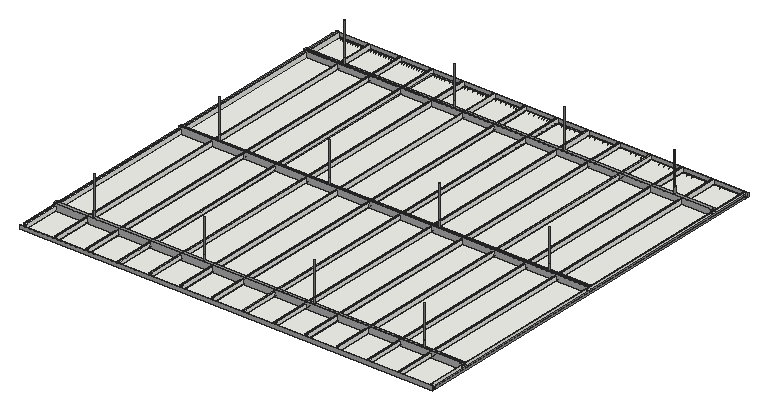
Revit family "FalsoTecho_THU_Lama-Venezia", category Modelos genéricos, Revit 2016
Family settings
  Tipo de pieza = Normal
  Puede alojar armadura = No
  Cota de conector redondo = Diámetro de uso
  Número OmniClass = 23.35.70.24.11.17.14.11
  Título OmniClass = Metal Linear Ceilings
  Se basa en plano de trabajo = Sí
  Siempre vertical = No
  Corte con vacíos al cargar = Sí
  Compartido = No
  Punto de cálculo de habitación = No
Parameters (values of type "Acero_Liso_200x28mm")
  Tirantes_Separación real [instance] = (Rastrel_Longitud - (Tirante inicial_Distancia a extremo * 2)) / (Tirantes_Recuento - 1)  # 704.233 mm
  Tirantes_Recuento [instance] = (Rastrel_Longitud - (Tirante inicial_Distancia a extremo * 2)) / Tirantes_Separación aproximada + 2  # 4
  Tirantes_Separación aproximada [instance] = 1000 mm  # constant formula
  Tirante_Longitud [instance] = THU_Falso techo_Plenum altura  # 250 mm
  Tirante inicial_Distancia a extremo [instance] = if(Rastrel_Longitud < 1500 mm, 25 mm, 250 mm)  # 250 mm
  THU_Velo = no
  THU_Subestructura_Material = "Aceo galvanizado"
  THU_Subestructura_Color = THU_Acero galvanizado
  THU_Reacción al fuego = "A2-s1, d0"
  THU_Rastrel = Rastrel_THU_Venezia : 3,00x0,59x0,76mm
  THU_Lama_Material = "Acero"
  THU_Lama_Color [instance] = THU_Blanco-RAL9010
  THU_Lama = Lama_THU_Venezia : Acero_Liso_200x28mm
  THU_Falso techo_Área [instance] = THU_Falso techo_Longitud * THU_Falso techo_Anchura  # 6.25 m²
  THU_Falso techo_Plenum altura [instance] = 250 mm
  THU_Falso techo_Longitud [instance] = 2500 mm
  THU_Falso techo_Anchura [instance] = 2500 mm
  THU_Falso techo_Altura libre [instance] = 2500 mm
  THU_Acabado = Acabado_THU_Lama-Venezia : Liso
  Solape vertical_Lama y rastrel = 21.7 mm  # constant formula
  Rastreles_Separación [instance] = if(Lama_Longitud < 1000 mm, Lama_Longitud - 36 mm, 1000 mm)  # 1000 mm
  Rastreles_Recuento (ml) [instance] = Rastrel_Longitud * Rastreles_Recuento  # 7838.1 mm
  Rastreles_Recuento [instance] = if((THU_Falso techo_Longitud / Rastreles_Separación) < 2, 2, THU_Falso techo_Longitud / Rastreles_Separación)  # 3
  Rastrel_Longitud [instance] = (Lamas_Recuento * Lama_Anchura) + (Lamas_Separación * (Lamas_Recuento - 1)) + 12.7 mm  # 2612.7 mm
  Rastrel_Anchura = 30 mm  # constant formula
  Rastrel_Altura = 36 mm  # constant formula
  Rastrel inicial_Distancia a borde [instance] = (THU_Falso techo_Longitud - (Rastreles_Separación * (Rastreles_Recuento - 1))) / 2  # 250 mm
  RC [instance] = not(A_L24x24)  # no
  Página web del producto = "http://thu.es/producto/lama-venezia/"
  Página web del fabricante = "http://thu.es/"
  Perfiles perimetrales_Desfase altura = 1 mm  # constant formula
  Perfil perimetral_RC [instance] = Perfiles perimetrales_THU : RC
  Perfil perimetral_L24x24 [instance] = Perfiles perimetrales_THU : (A)_L24x24
  Perfil perimetral_Anchura [instance] = if(A_L24x24, 24 mm, if(RC, 28 mm, 24 mm))  # 24 mm
  Perfil perimetral trans_Longitud [instance] = Rastrel_Longitud + Perfil perimetral_Anchura  # 2636.7 mm
  Perfil perimetral long_Longitud [instance] = Lama_Longitud - Perfil perimetral_Anchura  # 2476 mm
  Perfil perimetral 04 [instance] = yes
  Perfil perimetral 03 [instance] = yes
  Perfil perimetral 02 [instance] = yes
  Perfiles perimetrales_Distancia a bandeja [instance] = Perfil perimetral_Anchura / 2  # 12 mm
  Perfil perimetral 01 [instance] = yes
  Perfil perimetral [instance] = if(A_L24x24, Perfil perimetral_L24x24, if(RC, Perfil perimetral_RC, Perfil perimetral_L24x24))  # Perfiles perimetrales_THU : (A)_L24x24
  País de fabricación = "España"
  País de diseño = "España"
  Omniclass = "23.35.70.24.11.17.14.11"
  Número de edición (versión) = 1
  Nombre del objeto = "Lama Venezia"
  NBS Reference Description = "Board suspended ceiling system"
  NBS Reference = "20-10-10/110"
  Marca = "THU"
  Manual de montaje = "http://thu.es/wp-content/uploads/manuals/MM-Techos-Lamas-Venezia.pdf"
  Lamas_Recuento (ml) [instance] = Lama_Longitud * Lamas_Recuento  # 32500 mm
  Lamas_Recuento [instance] = THU_Falso techo_Anchura / (Lamas_Separación + Lama_Anchura)  # 13
  Lamas_Separación [instance] = 0 mm  # constant formula
  Lama_Longitud [instance] = THU_Falso techo_Longitud  # 2500 mm
  Lama_Anchura = 200 mm
  Lama_Altura = 28 mm
  IFC Classification = "Ceiling"
  Grupo del producto = "Lamas"
  Ficha técnica = "http://thu.es/wp-content/uploads/datasheets/ft-lamas-venezia-thu.pdf"
  Ficha resumen = "http://thu.es/wp-content/uploads/datasheets/THU_Techos_metalicos_Lama_Venezia.pdf"
  Fecha de publicación del objeto BIM = ""
  Famila del producto = "Techos metálicos"
  Falso techo_Grosor = Lama_Altura + Rastrel_Altura  # 64 mm
  Falso techo_Anchura aprox [instance] = (Lamas_Recuento * Lama_Anchura) + (Lamas_Separación * (Lamas_Recuento - 1))  # 2600 mm
  Fabricante = "THU Perfil S.L."
  Default Elevation = 0 mm
  Descripción = "Falso techo metálico formado por lamas de aluminio prelacado de ancho 200 ó 300 mm, insertadas en pestañas de rastreles de paso de troquelado 200 (Venezia 200) ó 100 (Venezia 300) y colgadas del forjado superior mediante un sistema de varillas roscadas. La fijación de las lamas al rastrel se realiza mediante pestañas que se abren y cierran manualmente. De forma complementaria se utilizan clips de plástico para la fijación de las lamas entre si. La gama de acabados queda reducida a lamas prelacadas lisas; pudiendo estar perforada la lama tipo Venezia 300. El patrón del perforado de esta lama es el de 2,5 en U, de manera que la lama queda perforada aproximadamente en un 12,75%, dejando en su superficie vista márgenes de 10 mm sin perforar."
  Declaración de prestaciones = "http://thu.es/wp-content/uploads/declarations/dp_lamas_venezia.pdf"
  Comentarios de tipo = "Lamas Venezia para techo suspendido, para ser montadas en interior de edificios con con rastreles Venezia."
  COBie Type Category = "L387 : Suspended ceilings"
  A_L24x24 [instance] = yes
Types (6, lengths in mm): name | Tirantes_Separación real | THU_Velo | THU_Subestructura_Material | THU_Lama_Material | THU_Lama | THU_Acabado | Rastreles_Recuento (ml) | Rastrel_Longitud | Perfil perimetral trans_Longitud | Lamas_Recuento (ml) | Lamas_Recuento | Lama_Anchura | Falso techo_Anchura aprox
  Acero_Liso_200x28mm | 704.233 | no | "Aceo galvanizado" | "Acero" | Lama_THU_Venezia : Acero_Liso_200x28mm | Acabado_THU_Lama-Venezia : Liso | 7838.1 | 2612.7 | 2636.7 | 32500 | 13 | 200 | 2600
  Acero_Liso_300x28mm | 637.567 | no | "Aceo galvanizado" | "Acero" | Lama_THU_Venezia : Acero_Liso_300x28mm | Acabado_THU_Lama-Venezia : Liso | 7238.1 | 2412.7 | 2436.7 | 20000 | 8 | 300 | 2400
  Acero_Perforado-c/Velo_300x28mm | 637.567 | yes | "Acero galvanizado" | "Acero" | Lama_THU_Venezia : Acero_Perforado-c/Velo_300x28mm | Acabado_THU_Lama-Venezia : Perforado_Ø2.5mm (U) | 7238.1 | 2412.7 | 2436.7 | 20000 | 8 | 300 | 2400
  Acero_Perforado-s/Velo_300x28mm | 637.567 | no | "Aceo galvanizado" | "Acero" | Lama_THU_Venezia : Acero_Perforado-s/Velo_300x28mm | Acabado_THU_Lama-Venezia : Perforado_Ø2.5mm (U) | 7238.1 | 2412.7 | 2436.7 | 20000 | 8 | 300 | 2400
  Aluminio_Liso_200x28mm | 704.233 | no | "Aceo galvanizado" | "Aluminio" | Lama_THU_Venezia : Aluminio_Liso_200x28 | Acabado_THU_Lama-Venezia : Liso | 7838.1 | 2612.7 | 2636.7 | 32500 | 13 | 200 | 2600
  Aluminio_Liso_300x28mm | 637.567 | no | "Aceo galvanizado" | "Aluminio" | Lama_THU_Venezia : Aluminio_Liso_300x28 | Acabado_THU_Lama-Venezia : Liso | 7238.1 | 2412.7 | 2436.7 | 20000 | 8 | 300 | 2400
Reference planes
  plane 1 "Centro (Frontal/Posterior)": y = 0
  plane 2: z = 0
  plane 3 "Centro (Izquierda/Derecha)": x = 0
  plane 4 "Lamas_Límite inferior": z = 2500
  plane 5 "Rastreles_Límite inferior": z = 2506.3
  plane 6 "Rastreles_Límite superior": z = 2542.3
  plane 7 "Lamas_Límite superior": z = 2528
  plane 8 "Falso techo_Límite derecho": x = 2500
  plane 9 "Falso techo_Límite superior": y = 2500
  plane 10 "Tirantes_Límite superior": z = 2792.3
  plane 11 "Perfiles perimetrales_Límite inferior": z = 2499
Dimensions and locks
  "Rastrel_Altura": plane 6 "Rastreles_Límite superior" to plane 5 "Rastreles_Límite inferior"
  "THU_Falso techo_Altura libre": level to plane 4 "Lamas_Límite inferior"
  "Lama_Altura": plane 7 "Lamas_Límite superior" to plane 4 "Lamas_Límite inferior"
  "Solape vertical_Lama y rastrel": plane 7 "Lamas_Límite superior" to plane 5 "Rastreles_Límite inferior"
  "THU_Falso techo_Longitud": plane 1 "Centro (Frontal/Posterior)" to plane 9 "Falso techo_Límite superior"
  "THU_Falso techo_Anchura": plane 3 "Centro (Izquierda/Derecha)" to plane 8 "Falso techo_Límite derecho"
  "THU_Falso techo_Plenum altura": plane 10 "Tirantes_Límite superior" to plane 6 "Rastreles_Límite superior"
  equal spacing: group 1, group 2, group 3, group 6, group 7, group 8, group 9, group 10, group 12, group 13, group 14, group 15, group 16  (x3)
  "Lamas_Separación": nested 2 to nested 1
  "Rastrel inicial_Distancia a borde": plane 1 "Centro (Frontal/Posterior)" to nested 4
  equal spacing: group 4, group 5, group 11  (x3)
  "Rastreles_Separación": nested 4 to nested 5
  "Perfiles perimetrales_Distancia a bandeja": nested 12 to plane 3 "Centro (Izquierda/Derecha)"
  "Perfiles perimetrales_Distancia a bandeja": nested 12 to plane 1 "Centro (Frontal/Posterior)"
  "Perfiles perimetrales_Distancia a bandeja": nested 19 to plane 3 "Centro (Izquierda/Derecha)"
  "Perfiles perimetrales_Distancia a bandeja": plane 9 "Falso techo_Límite superior" to nested 19
  "Perfiles perimetrales_Distancia a bandeja": nested 20 to plane 3 "Centro (Izquierda/Derecha)"
  "Perfiles perimetrales_Desfase altura": plane 4 "Lamas_Límite inferior" to plane 11 "Perfiles perimetrales_Límite inferior"
  aligned and locked: level to plane 2
  aligned and locked: plane 7 "Lamas_Límite superior" to nested 1
  aligned and locked: plane 7 "Lamas_Límite superior" to nested 2
  aligned and locked: nested 4 to plane 5 "Rastreles_Límite inferior"
  aligned and locked: nested 5 to plane 5 "Rastreles_Límite inferior"
  aligned and locked: nested 12 to nested 20
  aligned and locked: nested 18 to nested 12
  aligned and locked: nested 12 to nested 18
Nested families
  nested 1: "Lama_THU_Venezia" at (12.695, 0, 2528), Lama_Longitud <- "Lama_Longitud", THU_Color <- "THU_Lama_Color", Lama_Altura <- "Lama_Altura", Lama_Anchura <- "Lama_Anchura", type <- "THU_Lama", type "Acero_Liso_200x28mm"
    with THU_Recuento (ml) 2500 mm, THU_Material "Acero", THU_Color THU_Blanco-RAL9010, Lama_Longitud 2500 mm, Lama_Anchura 200 mm, Lama_Altura 28 mm
  nested 2: "Lama_THU_Venezia" at (212.695, 0, 2528), Lama_Longitud <- "Lama_Longitud", THU_Color <- "THU_Lama_Color", Lama_Altura <- "Lama_Altura", Lama_Anchura <- "Lama_Anchura", type <- "THU_Lama", type "Acero_Liso_200x28mm"
    with THU_Recuento (ml) 2500 mm, THU_Material "Acero", THU_Color THU_Blanco-RAL9010, Lama_Longitud 2500 mm, Lama_Anchura 200 mm, Lama_Altura 28 mm
  nested 3: "Lama_THU_Venezia" at (412.695, 0, 2528), Lama_Longitud <- "Lama_Longitud", THU_Color <- "THU_Lama_Color", Lama_Altura <- "Lama_Altura", Lama_Anchura <- "Lama_Anchura", type <- "THU_Lama", type "Acero_Liso_200x28mm"
    with THU_Recuento (ml) 2500 mm, THU_Material "Acero", THU_Color THU_Blanco-RAL9010, Lama_Longitud 2500 mm, Lama_Anchura 200 mm, Lama_Altura 28 mm
  nested 4: "Rastrel_THU_Venezia" at (0, 250, 2506.3) x (0, -1, 0) z (0, 0, 1), Tirante inicial_Distancia a extremo <- "Tirante inicial_Distancia a extremo", Tirante_Longitud <- "Tirante_Longitud", Tirantes_Recuento <- "Tirantes_Recuento", Rastrel_Longitud <- "Rastrel_Longitud", Rastrel_Altura <- "Rastrel_Altura", THU_Color <- "THU_Subestructura_Color", type <- "THU_Rastrel", type "3,00x0,59x0,76mm", detail levels medium+fine
    with Tirantes_Recuento 4, Tirante_Longitud 250 mm, Tirante inicial_Distancia a extremo 250 mm, THU_Recuento (ml) 2612.7 mm, THU_Material "Acero galvanizado", THU_Color THU_Acero galvanizado, Rastrel_Longitud 2612.7 mm, Rastrel_Anchura 30 mm, Rastrel_Altura 36 mm
  nested 5: "Rastrel_THU_Venezia" at (0, 1250, 2506.3) x (0, -1, 0) z (0, 0, 1), Tirante inicial_Distancia a extremo <- "Tirante inicial_Distancia a extremo", Tirante_Longitud <- "Tirante_Longitud", Tirantes_Recuento <- "Tirantes_Recuento", Rastrel_Longitud <- "Rastrel_Longitud", Rastrel_Altura <- "Rastrel_Altura", THU_Color <- "THU_Subestructura_Color", type <- "THU_Rastrel", type "3,00x0,59x0,76mm", detail levels medium+fine
    with Tirantes_Recuento 4, Tirante_Longitud 250 mm, Tirante inicial_Distancia a extremo 250 mm, THU_Recuento (ml) 2612.7 mm, THU_Material "Acero galvanizado", THU_Color THU_Acero galvanizado, Rastrel_Longitud 2612.7 mm, Rastrel_Anchura 30 mm, Rastrel_Altura 36 mm
  nested 6: "Lama_THU_Venezia" at (612.695, 0, 2528), Lama_Longitud <- "Lama_Longitud", THU_Color <- "THU_Lama_Color", Lama_Altura <- "Lama_Altura", Lama_Anchura <- "Lama_Anchura", type <- "THU_Lama", type "Acero_Liso_200x28mm"
    with THU_Recuento (ml) 2500 mm, THU_Material "Acero", THU_Color THU_Blanco-RAL9010, Lama_Longitud 2500 mm, Lama_Anchura 200 mm, Lama_Altura 28 mm
  nested 7: "Lama_THU_Venezia" at (812.695, 0, 2528), Lama_Longitud <- "Lama_Longitud", THU_Color <- "THU_Lama_Color", Lama_Altura <- "Lama_Altura", Lama_Anchura <- "Lama_Anchura", type <- "THU_Lama", type "Acero_Liso_200x28mm"
    with THU_Recuento (ml) 2500 mm, THU_Material "Acero", THU_Color THU_Blanco-RAL9010, Lama_Longitud 2500 mm, Lama_Anchura 200 mm, Lama_Altura 28 mm
  nested 8: "Lama_THU_Venezia" at (1012.695, 0, 2528), Lama_Longitud <- "Lama_Longitud", THU_Color <- "THU_Lama_Color", Lama_Altura <- "Lama_Altura", Lama_Anchura <- "Lama_Anchura", type <- "THU_Lama", type "Acero_Liso_200x28mm"
    with THU_Recuento (ml) 2500 mm, THU_Material "Acero", THU_Color THU_Blanco-RAL9010, Lama_Longitud 2500 mm, Lama_Anchura 200 mm, Lama_Altura 28 mm
  nested 9: "Lama_THU_Venezia" at (1212.695, 0, 2528), Lama_Longitud <- "Lama_Longitud", THU_Color <- "THU_Lama_Color", Lama_Altura <- "Lama_Altura", Lama_Anchura <- "Lama_Anchura", type <- "THU_Lama", type "Acero_Liso_200x28mm"
    with THU_Recuento (ml) 2500 mm, THU_Material "Acero", THU_Color THU_Blanco-RAL9010, Lama_Longitud 2500 mm, Lama_Anchura 200 mm, Lama_Altura 28 mm
  nested 10: "Lama_THU_Venezia" at (1412.695, 0, 2528), Lama_Longitud <- "Lama_Longitud", THU_Color <- "THU_Lama_Color", Lama_Altura <- "Lama_Altura", Lama_Anchura <- "Lama_Anchura", type <- "THU_Lama", type "Acero_Liso_200x28mm"
    with THU_Recuento (ml) 2500 mm, THU_Material "Acero", THU_Color THU_Blanco-RAL9010, Lama_Longitud 2500 mm, Lama_Anchura 200 mm, Lama_Altura 28 mm
  nested 11: "Rastrel_THU_Venezia" at (0, 2250, 2506.3) x (0, -1, 0) z (0, 0, 1), Tirante inicial_Distancia a extremo <- "Tirante inicial_Distancia a extremo", Tirante_Longitud <- "Tirante_Longitud", Tirantes_Recuento <- "Tirantes_Recuento", Rastrel_Longitud <- "Rastrel_Longitud", Rastrel_Altura <- "Rastrel_Altura", THU_Color <- "THU_Subestructura_Color", type <- "THU_Rastrel", type "3,00x0,59x0,76mm", detail levels medium+fine
    with Tirantes_Recuento 4, Tirante_Longitud 250 mm, Tirante inicial_Distancia a extremo 250 mm, THU_Recuento (ml) 2612.7 mm, THU_Material "Acero galvanizado", THU_Color THU_Acero galvanizado, Rastrel_Longitud 2612.7 mm, Rastrel_Anchura 30 mm, Rastrel_Altura 36 mm
  nested 12: "Perfiles perimetrales_THU" at (-12, -12, 2499) x (0, 1, 0) z (0, 0, 1), visible <- "Perfil perimetral 01", THU_Color <- "THU_Subestructura_Color", THU_Material <- "THU_Subestructura_Material", Perfil_Longitud <- "Perfil perimetral trans_Longitud", Perfil_Anchura <- "Perfil perimetral_Anchura", type <- "Perfil perimetral", type "(A)_L24x24"
    with THU_Recuento (ml) 2636.7 mm, THU_Material "Aceo galvanizado", THU_Color THU_Acero galvanizado, Perfil_Longitud 2636.7 mm, Perfil_Anchura 24 mm
  nested 13: "Lama_THU_Venezia" at (1612.695, 0, 2528), Lama_Longitud <- "Lama_Longitud", THU_Color <- "THU_Lama_Color", Lama_Altura <- "Lama_Altura", Lama_Anchura <- "Lama_Anchura", type <- "THU_Lama", type "Acero_Liso_200x28mm"
    with THU_Recuento (ml) 2500 mm, THU_Material "Acero", THU_Color THU_Blanco-RAL9010, Lama_Longitud 2500 mm, Lama_Anchura 200 mm, Lama_Altura 28 mm
  nested 14: "Lama_THU_Venezia" at (1812.695, 0, 2528), Lama_Longitud <- "Lama_Longitud", THU_Color <- "THU_Lama_Color", Lama_Altura <- "Lama_Altura", Lama_Anchura <- "Lama_Anchura", type <- "THU_Lama", type "Acero_Liso_200x28mm"
    with THU_Recuento (ml) 2500 mm, THU_Material "Acero", THU_Color THU_Blanco-RAL9010, Lama_Longitud 2500 mm, Lama_Anchura 200 mm, Lama_Altura 28 mm
  nested 15: "Lama_THU_Venezia" at (2012.695, 0, 2528), Lama_Longitud <- "Lama_Longitud", THU_Color <- "THU_Lama_Color", Lama_Altura <- "Lama_Altura", Lama_Anchura <- "Lama_Anchura", type <- "THU_Lama", type "Acero_Liso_200x28mm"
    with THU_Recuento (ml) 2500 mm, THU_Material "Acero", THU_Color THU_Blanco-RAL9010, Lama_Longitud 2500 mm, Lama_Anchura 200 mm, Lama_Altura 28 mm
  nested 16: "Lama_THU_Venezia" at (2212.695, 0, 2528), Lama_Longitud <- "Lama_Longitud", THU_Color <- "THU_Lama_Color", Lama_Altura <- "Lama_Altura", Lama_Anchura <- "Lama_Anchura", type <- "THU_Lama", type "Acero_Liso_200x28mm"
    with THU_Recuento (ml) 2500 mm, THU_Material "Acero", THU_Color THU_Blanco-RAL9010, Lama_Longitud 2500 mm, Lama_Anchura 200 mm, Lama_Altura 28 mm
  nested 17: "Lama_THU_Venezia" at (2412.695, 0, 2528), Lama_Longitud <- "Lama_Longitud", THU_Color <- "THU_Lama_Color", Lama_Altura <- "Lama_Altura", Lama_Anchura <- "Lama_Anchura", type <- "THU_Lama", type "Acero_Liso_200x28mm"
    with THU_Recuento (ml) 2500 mm, THU_Material "Acero", THU_Color THU_Blanco-RAL9010, Lama_Longitud 2500 mm, Lama_Anchura 200 mm, Lama_Altura 28 mm
  nested 18: "Perfiles perimetrales_THU" at (2624.7, 12, 2499) x (-1, 0, 0) z (0, 0, 1), visible <- "Perfil perimetral 02", THU_Color <- "THU_Subestructura_Color", THU_Material <- "THU_Subestructura_Material", Perfil_Longitud <- "Perfil perimetral long_Longitud", Perfil_Anchura <- "Perfil perimetral_Anchura", type <- "Perfil perimetral", type "(A)_L24x24"
    with THU_Recuento (ml) 2476 mm, THU_Material "Aceo galvanizado", THU_Color THU_Acero galvanizado, Perfil_Longitud 2476 mm, Perfil_Anchura 24 mm
  nested 19: "Perfiles perimetrales_THU" at (-12, 2512, 2499) x (0, -1, 0) z (0, 0, 1), visible <- "Perfil perimetral 03", THU_Color <- "THU_Subestructura_Color", THU_Material <- "THU_Subestructura_Material", Perfil_Longitud <- "Perfil perimetral trans_Longitud", Perfil_Anchura <- "Perfil perimetral_Anchura", type <- "Perfil perimetral", type "(A)_L24x24"
    with THU_Recuento (ml) 2636.7 mm, THU_Material "Aceo galvanizado", THU_Color THU_Acero galvanizado, Perfil_Longitud 2636.7 mm, Perfil_Anchura 24 mm
  nested 20: "Perfiles perimetrales_THU" at (-12, 12, 2499), visible <- "Perfil perimetral 04", THU_Color <- "THU_Subestructura_Color", THU_Material <- "THU_Subestructura_Material", Perfil_Longitud <- "Perfil perimetral long_Longitud", Perfil_Anchura <- "Perfil perimetral_Anchura", type <- "Perfil perimetral", type "(A)_L24x24"
    with THU_Recuento (ml) 2476 mm, THU_Material "Aceo galvanizado", THU_Color THU_Acero galvanizado, Perfil_Longitud 2476 mm, Perfil_Anchura 24 mm
Definition of nested family "Lama_THU_Venezia"
  Parameters (values of type "Acero_Liso_200x28mm")
    THU_Recuento (ml) [instance] = Lama_Longitud  # 1000 mm
    THU_Mediciones = 1 < 2  # yes
    THU_Material [instance] = "Acero"
    THU_Color [instance] = none
    Nombre del objeto = "Lama Venezia Lisa 200"
    Lama_Longitud [instance] = 1000 mm
    Lama_Anchura [instance] = 200 mm
    Lama_Altura [instance] = 28 mm
    Default Elevation = 0 mm
  Types (6, lengths in mm): name | Nombre del objeto | Lama_Anchura
    Acero_Liso_300x28mm | "Lama Venezia Lisa 300" | 300
    Acero_Perforado-c/Velo_300x28mm | "Lama Venezia Perforada 300" | 300
    Acero_Perforado-s/Velo_300x28mm | "Lama Venezia Perforada 300" | 300
    Acero_Liso_200x28mm | "Lama Venezia Lisa 200" | 200
    Aluminio_Liso_200x28 | "Lama Venezia Lisa 200" | 200
    Aluminio_Liso_300x28 | "Lama Venezia Lisa 300" | 300
  Reference planes
    plane 1 "Centro (Frontal/Posterior)": y = 0
    plane 2: z = 0
    plane 3 "Centro (Izquierda/Derecha)": x = 0
    plane 4 "Lama_Borde izquierdo": x = 0
    plane 5 "Lama_Borde derecho": x = 200
    plane 6: y = 1000
  Forms (mm)
    Extrusion 1, solid, material <- "THU_Color"
      sketch origin (180.919, 0, -13.159) x (-1, 0, 0) y (0, 0, -1)
        loop
          arc (179.919, -12.159) -> (180.212, -12.867) -> (180.919, -13.159) r 1
          line (180.919, -13.159) -> (192.08, -13.159)
          arc (192.08, -13.159) -> (192.723, -12.925) -> (193.065, -12.333) r 1
          line (193.065, -12.333) -> (193.614, -9.22) -> (192.629, -9.047) -> (192.224, -11.341)
          arc (192.224, -11.341) -> (191.885, -11.928) -> (191.249, -12.159) r 0.991
          line (191.249, -12.159) -> (181.909, -12.159)
          arc (181.909, -12.159) -> (181.209, -11.87) -> (180.919, -11.17) r 0.99
          line (180.919, -11.17) -> (180.919, 13.861)
          arc (180.919, 13.861) -> (180.632, 14.554) -> (179.939, 14.841) r 0.98
          line (179.939, 14.841) -> (-18.081, 14.841)
          arc (-18.081, 14.841) -> (-18.788, 14.548) -> (-19.081, 13.841) r 1
          line (-19.081, 13.841) -> (-19.081, -11.168)
          arc (-19.081, -11.168) -> (-18.788, -11.875) -> (-18.081, -12.168) r 1
          line (-18.081, -12.168) -> (-10.92, -12.168)
          arc (-10.92, -12.168) -> (-10.277, -11.934) -> (-9.935, -11.342) r 1
          line (-9.935, -11.342) -> (-9.386, -8.229) -> (-10.371, -8.055) -> (-10.777, -10.355)
          arc (-10.777, -10.355) -> (-11.113, -10.938) -> (-11.746, -11.168) r 0.984
          line (-11.746, -11.168) -> (-17.424, -11.168)
          arc (-17.424, -11.168) -> (-17.888, -10.976) -> (-18.081, -10.511) r 0.657
          line (-18.081, -10.511) -> (-18.081, 12.874)
          arc (-18.081, 12.874) -> (-17.798, 13.557) -> (-17.114, 13.841) r 0.967
          line (-17.114, 13.841) -> (178.929, 13.841)
          arc (178.929, 13.841) -> (179.629, 13.551) -> (179.919, 12.85) r 0.99
          line (179.919, 12.85) -> (179.919, -12.159)
      from 0 to -1000
  Dimensions and locks
    "Lama_Anchura": plane 5 "Lama_Borde derecho" to plane 4 "Lama_Borde izquierdo"
    "Lama_Longitud": plane 1 "Centro (Frontal/Posterior)" to plane 6
    locked: Extrusion 1 sketch curve to Extrusion 1 sketch curve at 1  (x7)
    "Lama_Anchura": Extrusion 1 sketch curve to Extrusion 1 sketch curve
    "Lama_Altura": Extrusion 1 sketch curve to Extrusion 1 sketch curve
    aligned and locked: level to plane 2
    aligned and locked: plane 6 to Extrusion 1
    aligned and locked: plane 1 "Centro (Frontal/Posterior)" to Extrusion 1
  Automatic sketch dimensions
    Extrusion 1 sketch curve to plane 5 "Lama_Borde derecho" = 0 mm
    Extrusion 1 sketch curve to plane 3 "Centro (Izquierda/Derecha)" = 0 mm
    Extrusion 1 sketch curve to level = 0 mm
    Extrusion 1 sketch curve to Extrusion 1 sketch curve = 0 mm
    Extrusion 1 sketch curve to plane 5 "Lama_Borde derecho" = 1 mm
    Extrusion 1 sketch curve to Extrusion 1 sketch curve = 0.657 mm
    Extrusion 1 sketch curve to Extrusion 1 sketch curve = 0.967 mm
    Extrusion 1 sketch curve to Extrusion 1 sketch curve = 5.678 mm
    Extrusion 1 sketch curve to Extrusion 1 sketch curve = 0.826 mm
    Extrusion 1 sketch curve to level = 2.805 mm
    Extrusion 1 sketch curve to Extrusion 1 sketch curve = 0.143 mm
    Extrusion 1 sketch curve to Extrusion 1 sketch curve = 0.405 mm  (x2)
    Extrusion 1 sketch curve to level = 1.818 mm
    Extrusion 1 sketch curve to Extrusion 1 sketch curve = 0.985 mm
    Extrusion 1 sketch curve to Extrusion 1 sketch curve = 0.99 mm
    plane 3 "Centro (Izquierda/Derecha)" to Extrusion 1 sketch curve = 0.98 mm
    Extrusion 1 sketch curve to plane 3 "Centro (Izquierda/Derecha)" = 0.99 mm
    Extrusion 1 sketch curve to Extrusion 1 sketch curve = 9.34 mm
    Extrusion 1 sketch curve to Extrusion 1 sketch curve = 0.831 mm
    Extrusion 1 sketch curve to level = 1.819 mm
    Extrusion 1 sketch curve to Extrusion 1 sketch curve = 0.144 mm
    Extrusion 1 sketch curve to level = 4.113 mm
    Extrusion 1 sketch curve to level = 0.826 mm
    Extrusion 1 sketch curve to level = 0.991 mm
Definition of nested family "Rastrel_THU_Venezia"
  Parameters (values of type "3,00x0,59x0,76mm")
    Tirantes_Recuento [instance] = 2
    Tirante_Longitud [instance] = 250 mm
    Tirante inicial_Distancia a extremo [instance] = 100 mm
    THU_Recuento (ml) [instance] = Rastrel_Longitud  # 1000 mm
    THU_Mediciones = 1 < 2  # yes
    THU_Material [instance] = "Aceo galvanizado"
    THU_Color [instance] = none
    Rastrel_Longitud [instance] = 1000 mm
    Rastrel_Anchura [instance] = 30 mm  # constant formula
    Rastrel_Altura [instance] = 36 mm
    Nombre del objeto = "Rastrel Venezia 100"
    Default Elevation = 0 mm
  Reference planes
    plane 1 "Centro (Frontal/Posterior)": y = 0
    plane 2: z = 0
    plane 3 "Centro (Izquierda/Derecha)": x = 0
    plane 4 "Rastrel_Cara superior": z = 36
    plane 5: x = -15
    plane 6: x = 15
  Forms (mm)
    Extrusion 1, solid, material <- "THU_Color"
      sketch origin (0, 0, 0) x (1, 0, 0) y (0, 0, 1)
        loop
          line (-9.63, 35.151) -> (-15, 0) -> (-13.988, 0) -> (-8.641, 35) -> (8.641, 35) -> (13.988, 0) -> (15, 0) -> (9.63, 35.151)
          arc (9.63, 35.151) -> (9.293, 35.759) -> (8.641, 36) r 1
          line (8.641, 36) -> (-8.641, 36)
          arc (-8.641, 36) -> (-9.293, 35.759) -> (-9.63, 35.151) r 1
      from 0 to -1000
  Dimensions and locks
    "Rastrel_Altura": plane 4 "Rastrel_Cara superior" to level
    "Rastrel_Anchura": plane 5 to plane 6
    equal spacing: plane 5, plane 3 "Centro (Izquierda/Derecha)", plane 6
    locked: Extrusion 1 sketch curve to Extrusion 1 sketch curve at 1  (x3)
    "Rastrel_Longitud": Extrusion 1 to Extrusion 1
    "Tirante inicial_Distancia a extremo": plane 1 "Centro (Frontal/Posterior)" to nested 1
    group 1 to group 2 = 0 mm  (x2)
    group 1 to group 2 = 800 mm
    "Tirante inicial_Distancia a extremo": Extrusion 1 to nested 2
    aligned and locked: level to plane 2
    aligned and locked: plane 3 "Centro (Izquierda/Derecha)" to nested 1
  Automatic sketch dimensions
    Extrusion 1 sketch curve to level = 0 mm  (x2)
    plane 5 to Extrusion 1 sketch curve = 0 mm
    Extrusion 1 sketch curve to plane 4 "Rastrel_Cara superior" = 0 mm
    plane 6 to Extrusion 1 sketch curve = 0 mm
    Extrusion 1 sketch curve to Extrusion 1 sketch curve = 1.012 mm
    Extrusion 1 sketch curve to plane 4 "Rastrel_Cara superior" = 0.849 mm  (x2)
    Extrusion 1 sketch curve to Extrusion 1 sketch curve = 0 mm  (x2)
    plane 6 to Extrusion 1 sketch curve = 1.012 mm
  Nested families
    nested 1: "Tirantes_THU" at (0, 100, 36), Tirante_Material <- "THU_Color", Tirante_Longitud <- "Tirante_Longitud", type "Tirante - Rastreles", detail levels fine
      with Tirante_Material none, Tirante_Longitud 250 mm
    nested 2: "Tirantes_THU" at (0, 900, 36), Tirante_Material <- "THU_Color", Tirante_Longitud <- "Tirante_Longitud", type "Tirante - Rastreles", detail levels fine
      with Tirante_Material none, Tirante_Longitud 250 mm
  Definition of nested family "Tirantes_THU"
    Parameters (values of type "Tirante - Perfil triangular")
      Tirante_Material [instance] = none
      Tirante_Longitud [instance] = 250 mm
      Pieza de cuelgue_Altura = 20 mm
      Pieza de cualgue_Anchura = 26 mm
      Perfiles = no
      Perfil triangular = yes
      Rastreles = no
      Default Elevation = 0 mm
    Types (3, lengths in mm): name | Pieza de cuelgue_Altura | Pieza de cualgue_Anchura | Perfiles | Perfil triangular | Rastreles
      Tirante - Rastreles | 40 | 10 | no | no | yes
      Tirante - Perfil triangular | 20 | 26 | no | yes | no
      Tirante - Perfiles | 20 | 10.5 | yes | no | no
    Reference planes
      plane 1 "Centro (Frontal/Posterior)": y = 0
      plane 2: z = 0
      plane 3 "Centro (Izquierda/Derecha)": x = 0
      plane 4 "Perfil_Cara superior": z = 20
      plane 5 "Tirantes_Límite superior": z = 250
      plane 6 "Pieza de cuelgue_Lateral izquierdo": x = -13
      plane 7 "Pieza de cuelgue_Lateral derecho": x = 13
    Forms (mm)
      Extrusion 1, solid, material <- "Tirante_Material"
        sketch origin (0, 0, 0) x (1, 0, 0) y (0, 1, 0)
          loop
            circle (0, 0) r 1.5
        from 20 to 250
      Extrusion 2, solid, material <- "Tirante_Material", visible <- "Perfiles"
        sketch origin (0, 0, 0) x (1, 0, 0) y (0, 0, 1)
          loop
            line (-13, 20) -> (-13, 0) -> (-8.759, 0) -> (-8.759, 2) -> (-10.518, 2) -> (-10.518, 11) -> (10.518, 11) -> (10.518, 2) -> (8.759, 2) -> (8.759, 0) -> (13, 0) -> (13, 20) -> (-13, 20)
        from -1 to 1
      Extrusion 3, solid, material <- "Tirante_Material", visible <- "Perfil triangular"
        sketch origin (0, 0, 0) x (1, 0, 0) y (0, 0, 1)
          loop
            line (0, 20) -> (-13, 20) -> (-13, 18) -> (-1, 18) -> (-1, 2.022) -> (-13, 2.022) -> (-13, 0) -> (0, 0) -> (13, 0) -> (13, 2.022) -> (1, 2.022) -> (1, 18) -> (13, 18) -> (13, 20) -> (0, 20)
        from -7.5 to 7.5
      Extrusion 4, solid, material <- "Tirante_Material", visible <- "Rastreles"
        sketch origin (0, 0, 0) x (1, 0, 0) y (0, 0, 1)
          loop
            line (-13, 0) -> (13, 0) -> (13, 20) -> (-13, 20) -> (-13, 0)
        from -1 to 1
    Dimensions and locks
      equal spacing: Extrusion 2, plane 1 "Centro (Frontal/Posterior)", Extrusion 2
      "Tirante_Longitud": plane 5 "Tirantes_Límite superior" to level
      "Pieza de cuelgue_Altura": plane 4 "Perfil_Cara superior" to level
      "Pieza de cualgue_Anchura": plane 7 "Pieza de cuelgue_Lateral derecho" to plane 6 "Pieza de cuelgue_Lateral izquierdo"
      equal spacing: plane 7 "Pieza de cuelgue_Lateral derecho", plane 3 "Centro (Izquierda/Derecha)", plane 6 "Pieza de cuelgue_Lateral izquierdo"
      locked: Extrusion 2 sketch curve to Extrusion 2 sketch curve at 2.482  (x2)
      locked: Extrusion 2 sketch curve to Extrusion 2 sketch curve at 9
      locked: Extrusion 2 sketch curve to Extrusion 2 sketch curve at 4.241  (x2)
      locked: Extrusion 3 sketch curve to Extrusion 3 sketch curve at 2  (x2)
      locked: Extrusion 3 sketch curve to Extrusion 3 sketch curve at 2.022
      aligned and locked: level to plane 2
      aligned and locked: plane 5 "Tirantes_Límite superior" to Extrusion 1
      aligned and locked: Extrusion 1 to plane 4 "Perfil_Cara superior"
      aligned and locked: Extrusion 1 to Extrusion 2
      aligned and locked: Extrusion 2 to level
      aligned and locked: Extrusion 3 sketch curve to Extrusion 3 sketch curve  (x4)
      aligned and locked: plane 4 "Perfil_Cara superior" to Extrusion 4 sketch curve
      aligned and locked: plane 7 "Pieza de cuelgue_Lateral derecho" to Extrusion 4 sketch curve
      aligned and locked: Extrusion 4 sketch curve to plane 6 "Pieza de cuelgue_Lateral izquierdo"
      aligned and locked: plane 6 "Pieza de cuelgue_Lateral izquierdo" to Extrusion 2 sketch curve
      aligned and locked: Extrusion 3 sketch curve to plane 7 "Pieza de cuelgue_Lateral derecho"
      aligned and locked: Extrusion 3 sketch curve to plane 6 "Pieza de cuelgue_Lateral izquierdo"
      aligned and locked: Extrusion 2 sketch curve to Extrusion 2 sketch curve
    Automatic sketch dimensions
      plane 1 "Centro (Frontal/Posterior)" to Extrusion 1 sketch curve = 0 mm
      Extrusion 1 sketch curve to plane 3 "Centro (Izquierda/Derecha)" = 0 mm
      Extrusion 2 sketch curve to level = 0 mm  (x2)
      Extrusion 2 sketch curve to plane 4 "Perfil_Cara superior" = 0 mm
      level to Extrusion 2 sketch curve = 2 mm
      Extrusion 3 sketch curve to plane 4 "Perfil_Cara superior" = 0 mm
      Extrusion 3 sketch curve to level = 0 mm
      Extrusion 3 sketch curve to plane 3 "Centro (Izquierda/Derecha)" = 0 mm  (x2)
      plane 3 "Centro (Izquierda/Derecha)" to Extrusion 3 sketch curve = 1 mm
      Extrusion 2 sketch curve to plane 7 "Pieza de cuelgue_Lateral derecho" = 0 mm
      Extrusion 4 sketch curve to level = 0 mm
      radius of Extrusion 1 sketch curve = 1.5 mm
Definition of nested family "Perfiles perimetrales_THU"
  Parameters (values of type "U20")
    U = yes
    THU_Recuento (ml) [instance] = Perfil_Longitud  # 1000 mm
    THU_Mediciones = 1 < 2  # yes
    THU_Material [instance] = "Acero galvanizado"
    THU_Color [instance] = none
    RC = no
    Perfil_Longitud [instance] = 1000 mm
    Perfil_Grosor = 1 mm
    Perfil_Anchura [instance] = 15 mm
    Perfil_Altura = 20 mm
    Nombre del objeto = "Perfil U20"
    (A)_(F) = no
    Default Elevation = 0 mm
    (D)_Perfil cornisa = no
  Types (7, lengths in mm): name | U | THU_Material | RC | Perfil_Anchura | Perfil_Altura | Nombre del objeto | (A)_(F) | (D)_Perfil cornisa
    (A)_L24x24 | no | "Acero galvanizado" | no | 24 | 24 | "(A)_L24x24" | yes | no
    (D)_Perfil cornisa | no | "Acero galvanizado" | no | 18 | 37 | "(D)_Perfil cornisa" | no | yes
    (F)_Angular PVC | no | "PVC" | no | 28 | 22 | "(F)_Angular PVC" | yes | no
    (A)_L15x33 | no | "Acero galvanizado" | no | 15 | 33 | "(A)_L24x24" | yes | no
    U40 | yes | "Acero galvanizado" | no | 15 | 42 | "Perfil U40" | no | no
    RC | no | "Acero galvanizado" | yes | 28 | 20 | "Perfil RC" | no | no
    U20 | yes | "Acero galvanizado" | no | 15 | 20 | "Perfil U20" | no | no
  Reference planes
    plane 1 "Centro (Frontal/Posterior)": y = 0
    plane 2: z = 0
    plane 3 "Centro (Izquierda/Derecha)": x = 0
    plane 4 "Perfil_Cara superior": z = 20
    plane 5: x = 15
    plane 6: y = -1000
  Forms (mm)
    Extrusion 1, solid, material <- "THU_Color", visible <- "(A)_(F)", detail levels medium+fine
      sketch origin (0, 0, 0) x (1, 0, 0) y (0, 0, 1)
        loop
          line (0, 20) -> (0, 0) -> (15, 0) -> (15, 1) -> (1, 1) -> (1, 20) -> (0, 20)
      from 0 to 1000
    Extrusion 2, solid, material <- "THU_Color", visible <- "(D)_Perfil cornisa", detail levels medium+fine
      sketch origin (0, 0, 0) x (1, 0, 0) y (0, 0, 1)
        loop
          line (1, 20) -> (0, 20) -> (0, 1) -> (-13, 1) -> (-13, 22) -> (-14, 22) -> (-14, 0) -> (15, 0) -> (15, 1) -> (1, 1) -> (1, 20)
      from 0 to 1000
    Extrusion 3, solid, material <- "THU_Color", visible <- "U", detail levels medium+fine
      sketch origin (0, 0, 0) x (1, 0, 0) y (0, 0, 1)
        loop
          line (0, 0) -> (15, 0) -> (15, 1) -> (1, 1) -> (1, 19) -> (15, 19) -> (15, 20) -> (0, 20) -> (0, 0)
      from 0 to 1000
    Extrusion 4, solid, material <- "THU_Color", visible <- "RC"
      sketch origin (0, 0, 0) x (1, 0, 0) y (0, 0, 1)
        loop
          line (15, 0) -> (15, 1) -> (1.398, 1) -> (1.398, 1.948) -> (7.436, 4.764)
          arc (7.436, 4.764) -> (8.592, 7.941) -> (5.415, 9.097) r 2.391
          line (5.415, 9.097) -> (1, 7.038) -> (1, 19) -> (6.5, 19) -> (6.5, 17.2) -> (7.5, 17.2) -> (7.5, 20) -> (0, 20) -> (0, 5.469) -> (5.838, 8.191)
          arc (5.838, 8.191) -> (7.686, 7.518) -> (7.013, 5.67) r 1.391
          line (7.013, 5.67) -> (0, 2.4) -> (0, 0) -> (15, 0)
      from 0 to 1000
  Dimensions and locks
    "Perfil_Altura": plane 4 "Perfil_Cara superior" to level
    "Perfil_Anchura": plane 5 to plane 3 "Centro (Izquierda/Derecha)"
    locked: Extrusion 2 sketch curve to Extrusion 2 sketch curve at 1  (x3)
    locked: Extrusion 2 sketch curve to Extrusion 1 at 13
    locked: Extrusion 2 sketch curve to level at 22
    "Perfil_Longitud": plane 6 to plane 1 "Centro (Frontal/Posterior)"
    locked: Extrusion 3 sketch curve to Extrusion 3 sketch curve at 1  (x3)
    locked: Extrusion 4 sketch curve to Extrusion 4 sketch curve at 1  (x6)
    locked: Extrusion 4 sketch curve to Extrusion 4 sketch curve at 1.398
    aligned and locked: level to plane 2
    aligned and locked: plane 5 to Extrusion 1 sketch curve
    aligned and locked: Extrusion 1 sketch curve to plane 4 "Perfil_Cara superior"
    aligned and locked: plane 4 "Perfil_Cara superior" to Extrusion 2 sketch curve
    aligned and locked: plane 5 to Extrusion 2 sketch curve
    aligned and locked: plane 3 "Centro (Izquierda/Derecha)" to Extrusion 2 sketch curve
    aligned and locked: Extrusion 1 sketch curve to plane 3 "Centro (Izquierda/Derecha)"
    aligned and locked: plane 6 to Extrusion 2
    aligned and locked: plane 6 to Extrusion 1
    aligned and locked: Extrusion 3 sketch curve to plane 5
    aligned and locked: plane 5 to Extrusion 3 sketch curve
    aligned and locked: Extrusion 3 sketch curve to plane 4 "Perfil_Cara superior"
    aligned and locked: Extrusion 3 sketch curve to plane 2
    aligned and locked: plane 3 "Centro (Izquierda/Derecha)" to Extrusion 3 sketch curve
    aligned and locked: Extrusion 3 to plane 1 "Centro (Frontal/Posterior)"
    aligned and locked: Extrusion 3 to plane 6
    aligned and locked: Extrusion 4 sketch curve to plane 4 "Perfil_Cara superior"
    aligned and locked: plane 3 "Centro (Izquierda/Derecha)" to Extrusion 4 sketch curve  (x2)
    aligned and locked: level to Extrusion 4 sketch curve
    aligned and locked: plane 5 to Extrusion 4 sketch curve
    aligned and locked: Extrusion 4 to plane 6
  Automatic sketch dimensions
    Extrusion 1 sketch curve to level = 0 mm
    plane 3 "Centro (Izquierda/Derecha)" to Extrusion 1 sketch curve = 1 mm
    level to Extrusion 1 sketch curve = 1 mm
    Extrusion 2 sketch curve to level = 0 mm
    Extrusion 2 sketch curve to Extrusion 2 sketch curve = 0 mm
    Extrusion 4 sketch curve to Extrusion 4 sketch curve = 0 mm
    Extrusion 4 sketch curve to Extrusion 4 sketch curve = 4.415 mm
    Extrusion 4 sketch curve to Extrusion 4 sketch curve = 0.423 mm  (x2)
    Extrusion 4 sketch curve to Extrusion 4 sketch curve = 0.588 mm  (x2)
    Extrusion 4 sketch curve to Extrusion 4 sketch curve = 5.5 mm
    Extrusion 4 sketch curve to Extrusion 4 sketch curve = 0.948 mm
    Extrusion 4 sketch curve to Extrusion 4 sketch curve = 0.452 mm
    Extrusion 4 sketch curve to Extrusion 4 sketch curve = 3.069 mm
    Extrusion 4 sketch curve to Extrusion 4 sketch curve = 1.26 mm
    Extrusion 4 sketch curve to Extrusion 4 sketch curve = 1.8 mm
